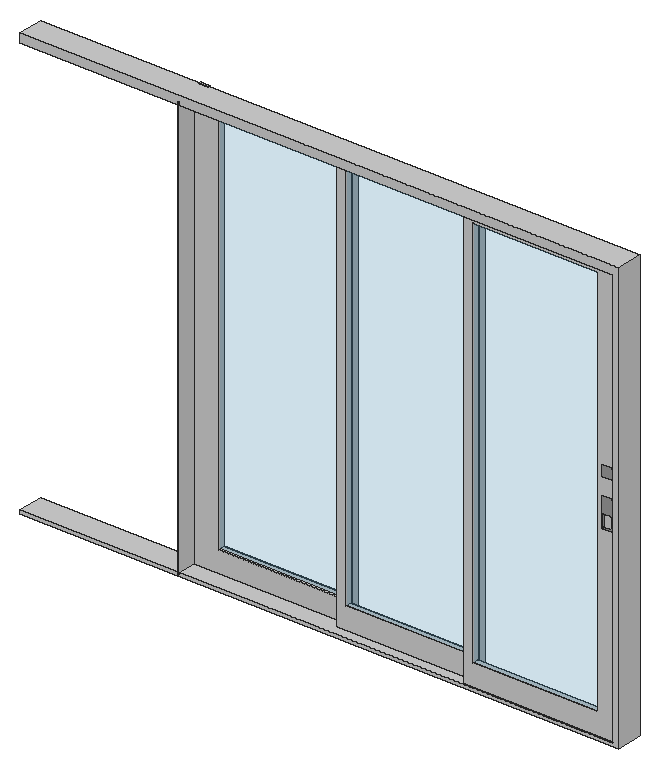
Revit family "Door-Slider-Pocket-Fleetwood-3070-PXXX", category Doors, host Wall, Revit 2013
Parameters (values of type "Archetype Hardware - 3.5" Sightline Extender")
  Wall_Thickness [instance] = 12"
  URL = "www.fleetwoodusa.com"
  Thickness = 5.724"  # constant formula
  Shim_Space = 0.25"
  Rough Width = Width + 0.25" + Shim_Space  # 134"
  Rough Height = Height + Shim_Space  # 96.25"
  Pocket_Width = (roundup(((if(and(Panel_Width_1 > Panel_Width_2, Panel_Width_1 > Panel_Width_3), Panel_Width_1, if(and(Panel_Width_2 > Panel_Width_1, Panel_Width_2 > Panel_Width_3), Panel_Width_2, Panel_Width_3)) + 2.25") * 4) / 1") * 1") / 4  # 37.75"
  Panel_Width_3 = if(Equal_Centerlines, ((Daylight_Opening / 3) + 3.111"), if(Equal Glass Sizes, (((Daylight_Opening - 8.4645") / 3) + 6.273"), Daylight_Opening - Custom_CL_1 - Custom_CL_2 + 3.111"))  # 35.4515"
  Panel_Width_2 = if(Equal_Centerlines, ((Daylight_Opening / 3) + 2.074"), if(Equal Glass Sizes, (((Daylight_Opening - 8.4645") / 3) + 2.773"), Custom_CL_2 + 2.074"))  # 31.9515"
  Panel_Width_1 = if(Equal_Centerlines, ((Daylight_Opening / 3) + 0.0645"), if(Equal Glass Sizes, (((Daylight_Opening - 8.4645") / 3) + 4.668"), Custom_CL_1 + 0.0645"))  # 33.8465"
  Model = "3070"
  Manufacturer = "Fleetwood Windows and Doors"
  Interior Wrap Overhang = 0.375"
  Hardware = Stainless Steel, Brushed
  Glazing = Glass
  Frame_&_Panel = Aluminum, Anodized Clear
  Equal_Centerlines = no
  Equal Glass Sizes = if(or(Equal_Centerlines, Custom_Centerlines), 1 > 2, 1 < 2)  # yes
  Daylight_Opening = 96"
  Exterior Wrap Overhang = 0.5"
  Frame_Set_Back [instance] = (Wall_Thickness - Thickness) / 2  # 3.138"
  Function = Exterior
  Height = 96"
  Wall Closure = By host
  Width = Daylight_Opening + Pocket_Width - 0.25"  # 133.5"
  Custom_Centerlines = if(and(Custom_CL_1 > 6", Custom_CL_2 > 6", not(Equal_Centerlines)), 1 < 2, 1 > 2)  # no
  Custom_CL_2 = 0"
  Custom_CL_1 = 0"
  Configuration = "PXXX"
  Analytic Construction = "<None>"
  Actuator_Height = 53.75"
Reference planes (in)
  plane 1 "Center (Front/Back)": y = 0
  plane 2 "Center (Left/Right)": x = -24
  plane 3 "Right": x = 24.25
  plane 4 "Top": z = 96.25
  plane 5 "Exterior": y = 6
  plane 6 "Interior": y = -6
  plane 7 "Exterior Wrap Depth": y = 2.862
  plane 8 "Interior Wrap Depth": y = -2.862
  plane 9 "Right Frame": x = 24
  plane 10 "Exerier Wrap Left": x = -72
  plane 11 "Exterior Wrap Right": x = 23.5
  plane 12 "Exterior Wrap Top": z = 95.75
  plane 13 "Interior Wrap Right": x = 23.875
  plane 14 "Interior Wrap Top": z = 95.875
  plane 15 "Frame Top": z = 96
  plane 16: z = 0.302
  plane 17: y = 10
  plane 18: x = -109.75
  plane 19: z = 94.074
  plane 20: x = 22.657
  plane 21: z = 0.71
  plane 22: x = -109.5
  plane 23: x = 23.02747
  plane 24: z = 94.7725
  plane 25 "pocket_closer": x = -74.074
  plane 26: y = 1.908
  plane 27: y = -1.908
  plane 28: y = 0
Forms (in)
  Extrusion 1, void
    sketch origin (0, 0, 0) x (1, 0, 0) y (0, 1, 0)
      loop
        line (-72, 6) -> (-72, 2.862) -> (23.5, 2.862) -> (23.5, 6) -> (-72, 6)
    from 0 to 95.75
  Extrusion 2, void
    sketch origin (0, 0, 0) x (1, 0, 0) y (0, 1, 0)
      loop
        line (-72, 2.862) -> (-72, -2.862) -> (24.25, -2.862) -> (24.25, 2.862) -> (-72, 2.862)
    from 0 to 96.25
  Extrusion 3, void
    sketch origin (0, 0, 0) x (1, 0, 0) y (0, 1, 0)
      loop
        line (-72, -2.862) -> (-72, -6) -> (23.875, -6) -> (23.875, -2.862) -> (-72, -2.862)
    from 0 to 95.875
  Extrusion 4, void
    sketch origin (0, 0, 0) x (1, 0, 0) y (0, 1, 0)
      loop
        line (-109.75, 3.237) -> (-109.75, -3.237) -> (-72, -3.237) -> (-72, 3.237) -> (-109.75, 3.237)
    from 0 to 96.25
  Extrusion 5, solid, material "Aluminum, Anodized Clear" <- "Frame_&_Panel"
    sketch origin (0, 2.862, 0) x (1, 0, 0) y (0, 0, 1)
      loop
        line (-109.5, 94.074) -> (22.657, 94.074) -> (22.657, 0.71) -> (-109.5, 0.71) -> (-109.5, 0) -> (24, 0) -> (24, 96) -> (-109.5, 96) -> (-109.5, 94.074)
    from 0 to 5.724
  Extrusion 6, solid, material "Aluminum, Anodized Clear" <- "Frame_&_Panel"
    sketch origin (0, 0, 0) x (1, 0, 0) y (0, 1, 0)
      loop
        line (-74.074, 3.25804) -> (-74.074, 2.62284) -> (-72, 2.62284) -> (-72, 3.25804) -> (-74.074, 3.25804)
    from 0 to 96
  Extrusion 7, solid, material "Aluminum, Anodized Clear" <- "Frame_&_Panel"
    sketch origin (-74.074, 14.0328, 48) x (0, 1, 0) y (0, 0, 1)
      loop
        line (-11.40995, 46.7725) -> (-17.0823, 46.7725) -> (-17.0823, -47.698) -> (-11.40995, -47.698) -> (-11.40995, 46.7725)
    from 0 to -0.0625
Lines and regions (in)
  symbolic lines, not visible
    curve 1: line (-41.80247, 12.37674, 0) -> (-29.80247, 12.37674, 0)
    curve 2: line (-33.80247, 10.37674, 0) -> (-29.80247, 12.37674, 0)
    curve 3: line (-33.80247, 14.37674, 0) -> (-29.80247, 12.37674, 0)
Text (in)
  text "Exterior" at (-132.91204, 28.8494, 0), in view "Ref. Level"
  text "Interior" at (-132.91204, -21.81055, 0), in view "Ref. Level"
  text "Exterior" at (0, 40.15149, 123.01588), in view "Right"
  text "Interior" at (0, -64.39139, 123.01588), in view "Right"
  text "Interior" at (0, -31.01599, 123.00693), in view "Left"
  text "Exterior" at (0, 54.57065, 123.00693), in view "Left"
Dimensions and locks (in)
  "Frame_Set_Back": plane 7 "Exterior Wrap Depth" to plane 5 "Exterior"
  "Exterior Wrap Overhang": plane 11 "Exterior Wrap Right" to plane 9 "Right Frame"
  "Thickness": plane 7 "Exterior Wrap Depth" to plane 8 "Interior Wrap Depth"
  "Exterior Wrap Overhang": plane 12 "Exterior Wrap Top" to plane 4 "Top"
  "Interior Wrap Overhang": plane 13 "Interior Wrap Right" to plane 3 "Right"
  "Interior Wrap Overhang": plane 14 "Interior Wrap Top" to plane 4 "Top"
  "Rough Height": level to plane 4 "Top"
  "Height": level to plane 15 "Frame Top"
  "Wall_Thickness": host wall to host wall
  locked: level to plane 16 at 0.302
  locked: plane 5 "Exterior" to plane 17 at 4
  "Daylight_Opening": plane 10 "Exerier Wrap Left" to plane 9 "Right Frame"
  "Shim_Space": plane 9 "Right Frame" to plane 3 "Right"
  locked: plane 7 "Exterior Wrap Depth" to Extrusion 4 sketch curve at 0.375
  locked: plane 8 "Interior Wrap Depth" to Extrusion 4 sketch curve at 0.375
  "Pocket_Width": plane 18 to plane 10 "Exerier Wrap Left"
  locked: plane 19 to plane 15 "Frame Top" at 1.926
  locked: plane 20 to plane 9 "Right Frame" at 1.343
  locked: level to plane 21 at 0.71
  locked: plane 18 to plane 22 at 0.25
  locked: plane 23 to plane 9 "Right Frame" at 0.97253
  locked: plane 24 to plane 15 "Frame Top" at 1.2275
  locked: plane 25 "pocket_closer" to plane 10 "Exerier Wrap Left" at 2.074
  locked: plane 27 to plane 8 "Interior Wrap Depth" at 0.954
  locked: plane 26 to plane 7 "Exterior Wrap Depth" at 0.954
  locked: plane 27 to plane 28 at 1.908
  equal spacing: plane 10 "Exerier Wrap Left", plane 2 "Center (Left/Right)", plane 9 "Right Frame"
  locked: Extrusion 6 sketch curve to Extrusion 6 sketch curve at 0.6352
  locked: plane 8 "Interior Wrap Depth" to Extrusion 7 sketch curve at 0.1875
  aligned and locked: plane 5 "Exterior" to host wall
  aligned and locked: host wall to plane 6 "Interior"
  aligned and locked: Extrusion 1 sketch curve to plane 7 "Exterior Wrap Depth"
  aligned and locked: plane 5 "Exterior" to Extrusion 1 sketch curve
  aligned and locked: plane 10 "Exerier Wrap Left" to Extrusion 1 sketch curve
  aligned and locked: plane 11 "Exterior Wrap Right" to Extrusion 1 sketch curve
  aligned and locked: Extrusion 1 to plane 12 "Exterior Wrap Top"
  aligned and locked: plane 3 "Right" to Extrusion 2 sketch curve
  aligned and locked: Extrusion 2 sketch curve to plane 7 "Exterior Wrap Depth"
  aligned and locked: plane 8 "Interior Wrap Depth" to Extrusion 2 sketch curve
  aligned and locked: Extrusion 2 to plane 4 "Top"
  aligned and locked: plane 13 "Interior Wrap Right" to Extrusion 3 sketch curve
  aligned and locked: Extrusion 3 sketch curve to plane 8 "Interior Wrap Depth"
  aligned and locked: Extrusion 3 sketch curve to plane 6 "Interior"
  aligned and locked: Extrusion 3 to plane 14 "Interior Wrap Top"
  aligned and locked: Extrusion 2 to plane 10 "Exerier Wrap Left"
  aligned and locked: Extrusion 4 sketch curve to plane 10 "Exerier Wrap Left"
  aligned and locked: Extrusion 4 to plane 4 "Top"
  aligned and locked: plane 18 to Extrusion 4
  aligned and locked: Extrusion 5 sketch curve to plane 22  (x2)
  aligned and locked: plane 9 "Right Frame" to Extrusion 5 sketch curve
  aligned and locked: level to Extrusion 5 sketch curve
  aligned and locked: Extrusion 5 sketch curve to plane 21
  aligned and locked: Extrusion 5 sketch curve to plane 20
  aligned and locked: plane 15 "Frame Top" to Extrusion 5 sketch curve
  aligned and locked: Extrusion 5 sketch curve to plane 19
  aligned and locked: Extrusion 5 to plane 8 "Interior Wrap Depth"
  aligned and locked: nested 1 to plane 17
  aligned and locked: nested 3 to plane 26
  aligned and locked: plane 25 "pocket_closer" to nested 3
  aligned and locked: nested 2 to nested 4
  aligned and locked: plane 28 to nested 4
  aligned and locked: nested 2 to plane 23
  aligned and locked: nested 4 to nested 1
  aligned and locked: nested 2 to nested 5
  aligned and locked: nested 3 to nested 6
  aligned and locked: plane 24 to nested 2
  aligned and locked: plane 24 to nested 4
  aligned and locked: plane 24 to nested 3
  aligned and locked: Extrusion 6 sketch curve to plane 10 "Exerier Wrap Left"
  aligned and locked: plane 25 "pocket_closer" to Extrusion 6 sketch curve
  aligned and locked: Extrusion 6 sketch curve to nested 3
  aligned and locked: Extrusion 6 to plane 15 "Frame Top"
  aligned and locked: Extrusion 7 sketch curve to plane 16
  aligned and locked: Extrusion 6 to Extrusion 7 sketch curve
  aligned and locked: Extrusion 7 sketch curve to plane 24
Automatic sketch dimensions
  Extrusion 2 sketch curve to plane 10 "Exerier Wrap Left" = 0"
  Extrusion 3 sketch curve to plane 10 "Exerier Wrap Left" = 0"
  Extrusion 4 sketch curve to plane 10 "Exerier Wrap Left" = 37.75"
Nested families (in)
  nested 1: "Arrow" at (-24.72078, 10, 0) x (-1, 0, 0) z (0, 0, 1), type "Arrow"
  nested 2: "3070_EX_Panel" at (-0.97253, -1.908, 0.302), Panel_Finish <- "Frame_&_Panel", Hardware_Finish <- "Hardware", Glazing_Material <- "Glazing", Actuator_Height <- "Actuator_Height", Panel_Width <- "Panel_Width_1", type "Active Lead Panel Left Archetype"
    with Panel_Width 33.8465", Panel_Height 94.4705", Panel_Finish Aluminum, Anodized Clear, Hardware_Finish Stainless Steel, Brushed, Glazing_Material Glass, Glass_Width 27.8037", Actuator_Height 53.75"
  nested 3: "3070_EX_Panel" at (-62.6225, 1.908, 0.302), Panel_Finish <- "Frame_&_Panel", Hardware_Finish <- "Hardware", Glazing_Material <- "Glazing", Actuator_Height <- "Actuator_Height", Panel_Width <- "Panel_Width_3", type "Pocket Panel 3.5" Sightline Extender"
    with Panel_Width 35.4515", Panel_Height 94.4705", Panel_Finish Aluminum, Anodized Clear, Hardware_Finish Stainless Steel, Brushed, Glazing_Material Glass, Glass_Width 27.8033", Actuator_Height 53.75"
  nested 4: "3070_EX_Panel" at (-32.74503, 0, 0.302), Panel_Finish <- "Frame_&_Panel", Hardware_Finish <- "Hardware", Glazing_Material <- "Glazing", Actuator_Height <- "Actuator_Height", Panel_Width <- "Panel_Width_2", type "Sliding Panel  Interlock and Interlock"
    with Panel_Width 31.9515", Panel_Height 94.4705", Panel_Finish Aluminum, Anodized Clear, Hardware_Finish Stainless Steel, Brushed, Glazing_Material Glass, Glass_Width 27.8035", Actuator_Height 53.75"
  nested 5: "Arrow" at (6.10422, 10, 0) x (-1, 0, 0) z (0, 0, 1), type "Arrow"
  nested 6: "Arrow" at (-56.34825, 10, 0) x (-1, 0, 0) z (0, 0, 1), type "Arrow"
Definition of nested family "3070_EX_Panel"
  Parameters (values of type "Pocket Panel 3.5"SL Right Archetype Narrow")
    Top_Rail = if(Bottom_Rail_As_Top, 5.14844", 1.46094")  # 1.46094"
    Stile_Condition = 6
    Sightline_Extender_Condition = 0
    Right_Stile = if(or(Archetype_Stile, Archetype_Inactive_Panel), 3.9688", if(or(Archetype_Narrow_Inactive_Panel, Archetype_Narrow_Stile), 2.9102", if(Narrow_Fixed_Stile, 1.0195", if(Stile_Condition = 10, 5.464", 2.074"))))  # 2.9102"
    Panel_Width [instance] = 48"
    Panel_Height [instance] = 84"
    Panel_Finish [instance] = none
    Narrow_Fixed_Stile = Stile_Condition = 3  # no
    Model = ""
    Manufacturer = "Fleetwood Windows And Doors"
    Left_Stile = if([1_Sightline_Extender], 3.0742", if([2.5_Sightline_Extender], 4.5742", if([3.5_Sightline_Extender], 5.5742", 2.074")))  # 5.5742"
    Hardware_Finish [instance] = none
    Glass_Width [instance] = Panel_Width - (Right_Stile + Left_Stile)  # 39.5156"
    Double_Arrow = no
    Arrow = yes
    Archetype_Narrow_Inactive_Panel = Stile_Condition = 9  # no
    Archetype_Narrow_Hardware_L = Stile_Condition = 7  # no
    Archetype_Narrow_Hardware = yes
    Archetype_Inactive_Panel = Stile_Condition = 8  # no
    Archetype_Flush_Pulls = no
    Glazing_Material [instance] = none
    Glass_Thickness = 1"
    Description = ""
    Bottom_Rail_As_Top = no
    Bottom_Rail = 5.14844"  # constant formula
    Archetype_Narrow_Stile = or(Stile_Condition = 2, Stile_Condition = 6, Stile_Condition = 7, Stile_Condition = 9)  # yes
    Archetype_Stile = or(Stile_Condition = 1, Stile_Condition = 4, Stile_Condition = 5, Stile_Condition = 8)  # no
    Archetype_Narrow_Hardware_R = Stile_Condition = 6  # yes
    Archetype_Hardware_Right = Stile_Condition = 5  # no
    Archetype_Hardware_Left = Stile_Condition = 4  # no
    Archetype_Actuator = or(Archetype_Hardware_Right, Archetype_Hardware_Left)  # no
    Actuator_Height [instance] = 53.75"
    3.5_Sightline_Extender = yes
    2.5_Sightline_Extender = no
    1_Sightline_Extender = no
  Types (26): name | Stile_Condition | Sightline_Extender_Condition | Right_Stile | Narrow_Fixed_Stile | Left_Stile | Glass_Width | Double_Arrow | Arrow | Archetype_Narrow_Inactive_Panel | Archetype_Narrow_Hardware_L | Archetype_Narrow_Hardware | Archetype_Inactive_Panel | Archetype_Flush_Pulls | Description | Archetype_Narrow_Stile | Archetype_Stile | Archetype_Narrow_Hardware_R | Archetype_Hardware_Right | Archetype_Hardware_Left | Archetype_Actuator | Actuator_Height | 3.5_Sightline_Extender | 2.5_Sightline_Extender | 1_Sightline_Extender
    Sliding Panel  Interlock and Interlock | 0 | 0 | 2.074" | no | 2.074" | 43.852" | yes | yes | no | no | no | no | no | "" | no | no | no | no | no | no | 53.75" | no | no | no
    Pocket Panel 1" Sightline Extender | 0 | 1 | 2.074" | no | 3.0742" | 42.8518" | no | yes | no | no | no | no | no | "" | no | no | no | no | no | no | 53.75" | no | no | yes
    Pocket Panel 2.5" Sightline Extender | 0 | 2 | 2.074" | no | 4.5742" | 41.3518" | no | yes | no | no | no | no | no | "" | no | no | no | no | no | no | 53.75" | no | yes | no
    Pocket Panel 3.5" Sightline Extender | 0 | 3 | 2.074" | no | 5.5742" | 40.3518" | no | yes | no | no | no | no | no | "" | no | no | no | no | no | no | 53.75" | yes | no | no
    Active Lead Panel Right Archetype | 5 | 0 | 3.9688" | no | 2.074" | 41.9572" | no | yes | no | no | no | no | yes | "Fleetwood Sliding Door Panel" | no | yes | no | yes | no | yes | 53.9375" | no | no | no
    Active Lead Panel Right Archetype Narrow | 6 | 0 | 2.9102" | no | 2.074" | 43.0158" | no | yes | no | no | yes | no | no | "" | yes | no | yes | no | no | no | 53.75" | no | no | no
    Fixed Panel Narrow Fixed Stile | 3 | 0 | 1.0195" | yes | 2.074" | 44.9065" | no | no | no | no | no | no | no | "" | no | no | no | no | no | no | 53.75" | no | no | no
    Fixed Panel Archetype Narrow Stile | 2 | 0 | 2.9102" | no | 2.074" | 43.0158" | no | no | no | no | no | no | no | "" | yes | no | no | no | no | no | 53.75" | no | no | no
    Fixed Panel Archetype Stile | 1 | 0 | 3.9688" | no | 2.074" | 41.9572" | no | no | no | no | no | no | no | "" | no | yes | no | no | no | no | 53.75" | no | no | no
    Active Lead Panel Left Archetype | 4 | 0 | 3.9688" | no | 2.074" | 41.9572" | no | yes | no | no | no | no | yes | "" | no | yes | no | no | yes | yes | 53.9375" | no | no | no
    Active Lead Panel Left Archetype Narrow | 7 | 0 | 2.9102" | no | 2.074" | 43.0158" | no | yes | no | yes | yes | no | no | "" | yes | no | no | no | no | no | 53.75" | no | no | no
    Archetype_Inactive_Panel | 8 | 0 | 3.9688" | no | 2.074" | 41.9572" | no | yes | no | no | no | yes | yes | "" | no | yes | no | no | no | no | 53.75" | no | no | no
    Archetype_Narrow_Inactive_Panel | 9 | 0 | 2.9102" | no | 2.074" | 43.0158" | no | yes | yes | no | yes | no | no | "" | yes | no | no | no | no | no | 53.75" | no | no | no
    Archetype_90_Degree_Stile | 10 | 0 | 5.464" | no | 2.074" | 40.462" | no | yes | no | no | no | no | yes | "" | no | no | no | no | no | no | 53.75" | no | no | no
    Pocket_Panel_1"SL_Left_Archetype | 4 | 0 | 3.9688" | no | 3.0742" | 40.957" | no | yes | no | no | no | no | yes | "" | no | yes | no | no | yes | yes | 53.9375" | no | no | yes
    Pocket_Panel_2.5"SL_Left Archetype | 4 | 0 | 3.9688" | no | 4.5742" | 39.457" | no | yes | no | no | no | no | yes | "" | no | yes | no | no | yes | yes | 53.9375" | no | yes | no
    Pocket_Panel_3.5"SL_Left_Archetype | 4 | 0 | 3.9688" | no | 5.5742" | 38.457" | no | yes | no | no | no | no | yes | "" | no | yes | no | no | yes | yes | 53.9375" | yes | no | no
    Pocket_Panel 1"SL Left Archetype Narrow | 7 | 0 | 2.9102" | no | 3.0742" | 42.0156" | no | yes | no | yes | yes | no | no | "" | yes | no | no | no | no | no | 53.75" | no | no | yes
    Pocket_Panel_2.5"SL Left Archetype Narrow | 7 | 0 | 2.9102" | no | 4.5742" | 40.5156" | no | yes | no | yes | yes | no | no | "" | yes | no | no | no | no | no | 53.75" | no | yes | no
    Pocket_Panel_3.5"SL Left Archetype Narrow | 7 | 0 | 2.9102" | no | 5.5742" | 39.5156" | no | yes | no | yes | yes | no | no | "" | yes | no | no | no | no | no | 53.75" | yes | no | no
    Pocket Panel 1"SL Right Archetype | 5 | 0 | 3.9688" | no | 3.0742" | 40.957" | no | yes | no | no | no | no | yes | "Fleetwood Sliding Door Panel" | no | yes | no | yes | no | yes | 53.9375" | no | no | yes
    Pocket Panel 2.5"SL Right Archetype | 5 | 0 | 3.9688" | no | 4.5742" | 39.457" | no | yes | no | no | no | no | yes | "Fleetwood Sliding Door Panel" | no | yes | no | yes | no | yes | 53.9375" | no | yes | no
    Pocket Panel 3.5 SL Right Archetype | 5 | 0 | 3.9688" | no | 5.5742" | 38.457" | no | yes | no | no | no | no | yes | "Fleetwood Sliding Door Panel" | no | yes | no | yes | no | yes | 53.9375" | yes | no | no
    Pocket Panel 1"SL Right Archetype Narrow | 6 | 0 | 2.9102" | no | 3.0742" | 42.0156" | no | yes | no | no | yes | no | no | "" | yes | no | yes | no | no | no | 53.75" | no | no | yes
    Pocket Panel 2.5" SL Right Archetype Narrow | 6 | 0 | 2.9102" | no | 4.5742" | 40.5156" | no | yes | no | no | yes | no | no | "" | yes | no | yes | no | no | no | 53.75" | no | yes | no
    Pocket Panel 3.5"SL Right Archetype Narrow | 6 | 0 | 2.9102" | no | 5.5742" | 39.5156" | no | yes | no | no | yes | no | no | "" | yes | no | yes | no | no | no | 53.75" | yes | no | no
  Reference planes (in)
    plane 1 "Center (Front/Back)": y = 0
    plane 2: z = 0
    plane 3 "Center (Left/Right)": x = 0
    plane 4: y = -0.71484
    plane 5: y = 0.71484
    plane 6: x = -24
    plane 7: x = 24
    plane 8: z = 84
    plane 9: z = 5.14844
    plane 10: z = 82.53906
    plane 11: x = 21.0898
    plane 12: x = -18.4258
    plane 13: y = 0.5
    plane 14: y = -0.5
    plane 15: z = 53.75
    plane 16: x = 23.3198
    plane 17: y = 0
    plane 18: x = 22.74609
    plane 19: x = -22.96289
    plane 20: z = 42
    plane 21: x = -6
    plane 22: x = 6
    plane 23: x = -2
    plane 24: x = 2
  Forms (in)
    Extrusion 1, solid, material <- "Panel_Finish"
      sketch origin (0, 0, 0) x (1, 0, 0) y (0, 0, 1)
        loop
          line (24, 84) -> (-24, 84) -> (-24, 0) -> (24, 0) -> (24, 84)
        loop
          line (-18.4258, 5.14844) -> (21.0898, 5.14844) -> (21.0898, 82.53906) -> (-18.4258, 82.53906) -> (-18.4258, 5.14844)
      from -0.71484 to 0.71484
    Extrusion 2, solid, material <- "Glazing_Material"
      sketch origin (0, 0, 0) x (1, 0, 0) y (0, 0, 1)
        loop
          line (-18.4258, 82.53906) -> (-18.4258, 5.14844) -> (21.0898, 5.14844) -> (21.0898, 82.53906) -> (-18.4258, 82.53906)
      from -0.5 to 0.5
  Lines and regions (in)
    Masking region 1
      outline origin (0, 0, 0) x (1, 0, 0) y (0, 1, 0)
        loop
          line (-24, 0.71484) -> (-24, -0.71484) -> (24, -0.71484) -> (24, 0.71484) -> (-24, 0.71484)
    symbolic lines, visible <- "Arrow"
      curve 1: line (6, -0.71484, 42) -> (-6, -0.71484, 42)
      curve 2: line (-2, -0.71484, 40) -> (-6, -0.71484, 42)
      curve 3: line (-2, -0.71484, 44) -> (-6, -0.71484, 42)
    symbolic lines, visible <- "Double_Arrow"
      curve 4: line (2, -0.71484, 40) -> (6, -0.71484, 42)
      curve 5: line (2, -0.71484, 44) -> (6, -0.71484, 42)
  Dimensions and locks (in)
    equal spacing: plane 4, plane 1 "Center (Front/Back)", plane 5
    locked: plane 4 to plane 5 at 1.42969
    equal spacing: plane 6, plane 3 "Center (Left/Right)", plane 7
    "Panel_Width": plane 6 to plane 7
    "Panel_Height": plane 8 to plane 2
    "Bottom_Rail": plane 9 to level
    "Right_Stile": plane 7 to plane 11
    "Left_Stile": plane 12 to plane 6
    "Top_Rail": plane 8 to plane 10
    equal spacing: plane 14, plane 1 "Center (Front/Back)", plane 13
    "Glass_Thickness": plane 14 to plane 13
    "Actuator_Height": plane 15 to level
    locked: plane 18 to plane 7 at 1.25391
    locked: plane 6 to plane 19 at 1.03711
    equal spacing: plane 8, plane 20, level
    plane 22 to plane 3 "Center (Left/Right)" to plane 21 = 6" locked, 6" locked
    locked: plane 23 to plane 21 at 4
    locked: plane 22 to plane 24 at 4
    curve 3 to plane 20 to curve 2 = 2" locked, 2" locked
    locked: plane 15 to nested 1 at 5
    locked: plane 16 to plane 11 at 2.23
    aligned and locked: plane 2 to level
    aligned and locked: plane 8 to Extrusion 1 sketch curve
    aligned and locked: plane 7 to Extrusion 1 sketch curve
    aligned and locked: Extrusion 1 sketch curve to plane 2
    aligned and locked: Extrusion 1 sketch curve to plane 6
    aligned and locked: Extrusion 1 sketch curve to plane 12
    aligned and locked: plane 10 to Extrusion 1 sketch curve
    aligned and locked: plane 11 to Extrusion 1 sketch curve
    aligned and locked: Extrusion 1 sketch curve to plane 9
    aligned and locked: Extrusion 1 to plane 5
    aligned and locked: plane 4 to Extrusion 1
    aligned and locked: Extrusion 2 sketch curve to plane 10
    aligned and locked: plane 12 to Extrusion 2 sketch curve
    aligned and locked: plane 9 to Extrusion 2 sketch curve
    aligned and locked: Extrusion 2 sketch curve to plane 11
    aligned and locked: Extrusion 2 to plane 13
    aligned and locked: plane 14 to Extrusion 2
    aligned and locked: plane 1 "Center (Front/Back)" to nested 1
    aligned and locked: plane 16 to nested 1
    aligned and locked: plane 15 to nested 2
    aligned and locked: plane 18 to nested 2
    aligned and locked: plane 1 "Center (Front/Back)" to nested 2
    aligned and locked: plane 5 to Masking region 1 sketch curve
    aligned and locked: plane 6 to Masking region 1 sketch curve
    aligned and locked: Masking region 1 sketch curve to plane 4
    aligned and locked: Masking region 1 sketch curve to plane 7
    aligned and locked: plane 21 to curve 2
    aligned and locked: curve 1 to curve 2
    aligned and locked: plane 20 to curve 1
    aligned and locked: plane 24 to curve 5
    aligned and locked: plane 24 to curve 4
    aligned and locked: plane 22 to curve 5
    aligned and locked: nested 3 to plane 15
    aligned and locked: plane 16 to nested 3
    aligned and locked: nested 3 to plane 1 "Center (Front/Back)"
    aligned and locked: nested 4 to plane 1 "Center (Front/Back)"
    aligned and locked: nested 4 to plane 16
    aligned and locked: plane 15 to nested 4
  Automatic sketch dimensions
    curve 2 to plane 23 = 0"
    curve 3 to plane 23 = 0"
    curve 4 to plane 20 = 2"
    plane 20 to curve 5 = 2"
  Nested families (in)
    nested 1: "Archetype_Flush_Pulls" at (23.3198, 0, 42.25), Finish <- "Hardware_Finish", visible <- "Archetype_Flush_Pulls", type "Archetype_Flush_Pulls"
      with Finish none
    nested 2: "Archetype_Narrow_Hardware" at (22.74609, 0, 53.75), Finish <- "Hardware_Finish", Left <- "Archetype_Narrow_Hardware_L", visible <- "Archetype_Narrow_Hardware", Right <- "Archetype_Narrow_Hardware_R", type "Archetype_Narrow_Hardware", detail levels fine
      with Right yes, Pulls_Only no, Left no, Finish none
    nested 3: "Archetype_Actuator" at (23.3198, 0, 53.75) x (1, 0, 0) z (0, -1, 0), Finish <- "Hardware_Finish", visible <- "Archetype_Hardware_Left", type "Archetype_Actuator", detail levels fine
      with Finish none
    nested 4: "Archetype_Actuator" at (23.3198, 0, 53.75) x (1, 0, 0) z (0, 1, 0), Finish <- "Hardware_Finish", visible <- "Archetype_Hardware_Right", type "Archetype_Actuator", detail levels fine
      with Finish none
  Definition of nested family "Archetype_Flush_Pulls"
    Parameters (values of type "Archetype_Flush_Pulls")
      Finish [instance] = none
    Reference planes (in)
      plane 1 "Center (Front/Back)": y = 0
      plane 2: z = 0
      plane 3 "Center (Left/Right)": x = 0
      plane 4: z = 6.5
      plane 5: z = 0.27344
      plane 6: z = 3.07422
      plane 7: y = -0.80469
      plane 8: y = 0.80469
      plane 9: y = -0.80469
      plane 10: x = 1.1875
      plane 11: x = -1.1875
      plane 12: x = 0.91406
      plane 13: x = -0.91406
      plane 14 "ext": y = -0.80469
      plane 15 "int": y = 0.80469
      plane 16: z = 6.21875
      plane 17: z = 3.35547
    Forms (in)
      Extrusion 1, solid, material <- "Finish", detail levels fine
        sketch origin (0, 0, 0) x (1, 0, 0) y (0, 0, 1)
          loop
            arc (-0.9375, 6.5) -> (-1.11428, 6.42678) -> (-1.1875, 6.25) r 0.25
            line (-1.1875, 6.25) -> (-1.1875, 0.25)
            arc (-1.1875, 0.25) -> (-1.11428, 0.07322) -> (-0.9375, 0) r 0.25
            line (-0.9375, 0) -> (0.9375, 0)
            arc (0.9375, 0) -> (1.11428, 0.07322) -> (1.1875, 0.25) r 0.25
            line (1.1875, 0.25) -> (1.1875, 6.25)
            arc (1.1875, 6.25) -> (1.11428, 6.42678) -> (0.9375, 6.5) r 0.25
            line (0.9375, 6.5) -> (-0.9375, 6.5)
        from -0.80469 to 0.80469
      Extrusion 2, void
        sketch origin (0, -0.80469, 0) x (-1, 0, 0) y (0, 0, 1)
          loop
            line (0.78906, 3.07422) -> (-0.78906, 3.07422)
            arc (-0.78906, 3.07422) -> (-0.87745, 3.03761) -> (-0.91406, 2.94922) r 0.125
            line (-0.91406, 2.94922) -> (-0.91406, 0.39844)
            arc (-0.91406, 0.39844) -> (-0.87745, 0.31005) -> (-0.78906, 0.27344) r 0.125
            line (-0.78906, 0.27344) -> (0.78906, 0.27344)
            arc (0.78906, 0.27344) -> (0.87745, 0.31005) -> (0.91406, 0.39844) r 0.125
            line (0.91406, 0.39844) -> (0.91406, 2.94922)
            arc (0.91406, 2.94922) -> (0.87745, 3.03761) -> (0.78906, 3.07422) r 0.125
        from 0 to 1
      Extrusion 3, void
        sketch origin (0, 0.80469, 0) x (-1, 0, 0) y (0, 0, 1)
          loop
            arc (-0.78906, 6.21875) -> (-0.87745, 6.18214) -> (-0.91406, 6.09375) r 0.125
            line (-0.91406, 6.09375) -> (-0.91406, 3.48047)
            arc (-0.91406, 3.48047) -> (-0.87745, 3.39208) -> (-0.78906, 3.35547) r 0.125
            line (-0.78906, 3.35547) -> (0.78906, 3.35547)
            arc (0.78906, 3.35547) -> (0.87745, 3.39208) -> (0.91406, 3.48047) r 0.125
            line (0.91406, 3.48047) -> (0.91406, 6.09375)
            arc (0.91406, 6.09375) -> (0.87745, 6.18214) -> (0.78906, 6.21875) r 0.125
            line (0.78906, 6.21875) -> (-0.78906, 6.21875)
        from 0 to -1
    Cuts and joins
      Extrusion 2, Extrusion 3 cuts Extrusion 1
    Dimensions and locks (in)
      locked: plane 4 to level at 6.5
      locked: plane 11 to plane 10 at 2.375
      locked: plane 12 to plane 10 at 0.27344
      locked: plane 11 to plane 13 at 0.27344
      locked: plane 6 to plane 5 at 2.80078
      equal spacing: plane 15 "int", plane 1 "Center (Front/Back)", plane 14 "ext"
      locked: plane 15 "int" to plane 14 "ext" at 1.60938
      locked: plane 5 to level at 0.27344
      locked: plane 4 to plane 16 at 0.28125
      locked: plane 17 to plane 6 at 0.28125
      aligned and locked: plane 2 to level
      aligned and locked: Extrusion 2 sketch curve to plane 6
      aligned and locked: plane 12 to Extrusion 2 sketch curve
      aligned and locked: plane 5 to Extrusion 2 sketch curve
      aligned and locked: Extrusion 2 sketch curve to plane 13
      aligned and locked: plane 12 to Extrusion 3 sketch curve
      aligned and locked: Extrusion 3 sketch curve to plane 16
      aligned and locked: Extrusion 3 sketch curve to plane 13
      aligned and locked: plane 17 to Extrusion 3 sketch curve
    Automatic sketch dimensions
      plane 11 to Extrusion 1 sketch curve = 0"
      Extrusion 1 sketch curve to level = 0"
      Extrusion 1 sketch curve to plane 4 = 0"
      plane 10 to Extrusion 1 sketch curve = 0"
      Extrusion 1 sketch curve to plane 5 = 0.02344"
      plane 13 to Extrusion 1 sketch curve = 0.02344"
      Extrusion 1 sketch curve to plane 12 = 0.02344"  (x2)
      plane 12 to Extrusion 2 sketch curve = 0.125"  (x2)
      Extrusion 2 sketch curve to plane 13 = 0.125"  (x2)
      plane 12 to Extrusion 3 sketch curve = 0.125"  (x2)
      Extrusion 3 sketch curve to plane 13 = 0.125"  (x2)
  Definition of nested family "Archetype_Narrow_Hardware"
    Parameters (values of type "Archetype_Narrow_Hardware")
      Right [instance] = no
      Pulls_Only [instance] = if(or(Right, Left), 1 > 2, 1 < 2)  # yes
      Left [instance] = no
      Finish [instance] = none
    Reference planes (in)
      plane 1 "Center (Front/Back)": y = 0
      plane 2 "Actuator_Height": z = 0
      plane 3 "Center (Left/Right)": x = 0
      plane 4 "ext": y = 0.78906
      plane 5 "int": y = -0.78906
      plane 6: x = -0.6875
      plane 7: x = 0.6875
      plane 8: z = -1.75
      plane 9: z = 2.8125
      plane 10: z = 2.60547
      plane 11: x = 0.48047
      plane 12: x = -0.48047
      plane 13: z = -1.54297
      plane 14: z = 0.1875
      plane 15: z = -0.1875
      plane 16: z = 1.32031
      plane 17: z = 0
    Forms (in)
      Extrusion 1, solid, material <- "Finish", detail levels fine
        sketch origin (0, 0, 0) x (1, 0, 0) y (0, 0, 1)
          loop
            arc (-0.5625, 2.8125) -> (-0.65089, 2.77589) -> (-0.6875, 2.6875) r 0.125
            line (-0.6875, 2.6875) -> (-0.6875, -1.625)
            arc (-0.6875, -1.625) -> (-0.65089, -1.71339) -> (-0.5625, -1.75) r 0.125
            line (-0.5625, -1.75) -> (0.5625, -1.75)
            arc (0.5625, -1.75) -> (0.65089, -1.71339) -> (0.6875, -1.625) r 0.125
            line (0.6875, -1.625) -> (0.6875, 2.6875)
            arc (0.6875, 2.6875) -> (0.65089, 2.77589) -> (0.5625, 2.8125) r 0.125
            line (0.5625, 2.8125) -> (-0.5625, 2.8125)
        from -0.78906 to 0.78906
    Lines and regions (in)
      model lines, detail levels fine
        curve 1: line (0.5625, -0.78906, 2.8125) -> (-0.5625, -0.78906, 2.8125)
        curve 2: arc (0.6875, -0.78906, 2.6875) -> (0.65089, -0.78906, 2.77589) -> (0.5625, -0.78906, 2.8125) r 0.125
        curve 3: line (0.6875, -0.78906, -1.625) -> (0.6875, -0.78906, 2.6875)
        curve 4: arc (0.5625, -0.78906, -1.75) -> (0.65089, -0.78906, -1.71339) -> (0.6875, -0.78906, -1.625) r 0.125
        curve 5: line (-0.5625, -0.78906, -1.75) -> (0.5625, -0.78906, -1.75)
        curve 6: arc (-0.6875, -0.78906, -1.625) -> (-0.65089, -0.78906, -1.71339) -> (-0.5625, -0.78906, -1.75) r 0.125
        curve 7: line (-0.6875, -0.78906, 2.6875) -> (-0.6875, -0.78906, -1.625)
        curve 8: arc (-0.5625, -0.78906, 2.8125) -> (-0.65089, -0.78906, 2.77589) -> (-0.6875, -0.78906, 2.6875) r 0.125
        curve 9: line (-0.38672, -0.78906, 2.60547) -> (0.38672, -0.78906, 2.60547)
        curve 10: line (-0.48047, -0.78906, -1.44922) -> (-0.48047, -0.78906, 2.51172)
        curve 11: line (0.38672, -0.78906, -1.54297) -> (-0.38672, -0.78906, -1.54297)
        curve 12: line (0.48047, -0.78906, 2.51172) -> (0.48047, -0.78906, -1.44922)
        curve 13: arc (-0.48047, -0.78906, 2.51172) -> (-0.45301, -0.78906, 2.57801) -> (-0.38672, -0.78906, 2.60547) r 0.09375
        curve 14: arc (0.38672, -0.78906, 2.60547) -> (0.45301, -0.78906, 2.57801) -> (0.48047, -0.78906, 2.51172) r 0.09375
        curve 15: arc (0.48047, -0.78906, -1.44922) -> (0.45301, -0.78906, -1.51551) -> (0.38672, -0.78906, -1.54297) r 0.09375
        curve 16: arc (-0.38672, -0.78906, -1.54297) -> (-0.45301, -0.78906, -1.51551) -> (-0.48047, -0.78906, -1.44922) r 0.09375
        curve 17: line (0.5625, 0.78906, 2.8125) -> (-0.5625, 0.78906, 2.8125)
        curve 18: arc (0.6875, 0.78906, 2.6875) -> (0.65089, 0.78906, 2.77589) -> (0.5625, 0.78906, 2.8125) r 0.125
        curve 19: line (0.6875, 0.78906, -1.625) -> (0.6875, 0.78906, 2.6875)
        curve 20: arc (0.5625, 0.78906, -1.75) -> (0.65089, 0.78906, -1.71339) -> (0.6875, 0.78906, -1.625) r 0.125
        curve 21: line (-0.5625, 0.78906, -1.75) -> (0.5625, 0.78906, -1.75)
        curve 22: arc (-0.6875, 0.78906, -1.625) -> (-0.65089, 0.78906, -1.71339) -> (-0.5625, 0.78906, -1.75) r 0.125
        curve 23: line (-0.6875, 0.78906, 2.6875) -> (-0.6875, 0.78906, -1.625)
        curve 24: arc (-0.5625, 0.78906, 2.8125) -> (-0.65089, 0.78906, 2.77589) -> (-0.6875, 0.78906, 2.6875) r 0.125
        curve 25: line (-0.38672, 0.78906, 2.60547) -> (0.38672, 0.78906, 2.60547)
        curve 26: line (-0.48047, 0.78906, -1.44922) -> (-0.48047, 0.78906, 2.51172)
        curve 27: line (0.38672, 0.78906, -1.54297) -> (-0.38672, 0.78906, -1.54297)
        curve 28: line (0.48047, 0.78906, 2.51172) -> (0.48047, 0.78906, -1.44922)
        curve 29: arc (-0.48047, 0.78906, 2.51172) -> (-0.45301, 0.78906, 2.57801) -> (-0.38672, 0.78906, 2.60547) r 0.09375
        curve 30: arc (0.38672, 0.78906, 2.60547) -> (0.45301, 0.78906, 2.57801) -> (0.48047, 0.78906, 2.51172) r 0.09375
        curve 31: arc (0.48047, 0.78906, -1.44922) -> (0.45301, 0.78906, -1.51551) -> (0.38672, 0.78906, -1.54297) r 0.09375
        curve 32: arc (-0.38672, 0.78906, -1.54297) -> (-0.45301, 0.78906, -1.51551) -> (-0.48047, 0.78906, -1.44922) r 0.09375
      model lines, visible <- "Left", detail levels fine
        curve 33: line (0.48047, 0.78906, 1.32031) -> (-0.48047, 0.78906, 1.32031)
        curve 34: line (-0.48047, 0.78906, 0.1875) -> (0.48047, 0.78906, 0.1875)
        curve 35: line (0.48047, 0.78906, -0.1875) -> (-0.48047, 0.78906, -0.1875)
      model lines, visible <- "Right", detail levels fine
        curve 36: line (0.48047, -0.78906, 1.32031) -> (-0.48047, -0.78906, 1.32031)
        curve 37: line (-0.48047, -0.78906, 0.1875) -> (0.48047, -0.78906, 0.1875)
        curve 38: line (0.48047, -0.78906, -0.1875) -> (-0.48047, -0.78906, -0.1875)
    Dimensions and locks (in)
      equal spacing: plane 5 "int", plane 1 "Center (Front/Back)", plane 4 "ext"
      plane 5 "int" to plane 4 "ext" = 1.57812"
      equal spacing: plane 6, plane 3 "Center (Left/Right)", plane 7
      locked: plane 6 to plane 7 at 1.375
      locked: level to plane 8 at 1.75
      locked: plane 9 to level at 2.8125
      locked: plane 9 to plane 10 at 0.20703
      locked: plane 13 to plane 8 at 0.20703
      locked: plane 7 to plane 11 at 0.20703
      locked: plane 12 to plane 6 at 0.20703
      plane 15 to level to plane 14 to plane 16 = 0.1875" locked, 0.1875" locked, 1.13281" locked
      aligned and locked: plane 2 "Actuator_Height" to level
      aligned and locked: Extrusion 1 sketch curve to plane 9
      aligned and locked: Extrusion 1 sketch curve to plane 7
      aligned and locked: plane 6 to Extrusion 1 sketch curve
      aligned and locked: plane 8 to Extrusion 1 sketch curve
      aligned and locked: plane 5 "int" to Extrusion 1
      aligned and locked: Extrusion 1 to plane 4 "ext"
      aligned and locked: curve 2 to Extrusion 1
      aligned and locked: curve 4 to Extrusion 1
      aligned and locked: curve 6 to Extrusion 1
      aligned and locked: curve 8 to Extrusion 1
      aligned and locked: curve 9 to plane 10
      aligned and locked: curve 12 to plane 11
      aligned and locked: plane 13 to curve 11
      aligned and locked: plane 12 to curve 10
      aligned and locked: plane 10 to curve 25
      aligned and locked: curve 17 to plane 9
      aligned and locked: plane 8 to curve 21
      aligned and locked: curve 27 to plane 13
      aligned and locked: plane 6 to curve 23
      aligned and locked: curve 19 to plane 7
      aligned and locked: plane 11 to curve 33
      aligned and locked: plane 12 to curve 34
      aligned and locked: plane 11 to curve 35
      aligned and locked: plane 12 to curve 35
      aligned and locked: curve 33 to plane 16
      aligned and locked: plane 14 to curve 34
      aligned and locked: curve 35 to plane 15
      aligned and locked: plane 11 to curve 36
      aligned and locked: plane 12 to curve 36
      aligned and locked: plane 15 to curve 38
      aligned and locked: curve 37 to plane 14
      aligned and locked: plane 16 to curve 36
      aligned and locked: plane 2 "Actuator_Height" to plane 17
    Automatic sketch dimensions
      plane 8 to Extrusion 1 sketch curve = 0.125"
      plane 6 to Extrusion 1 sketch curve = 0.125"
      Extrusion 1 sketch curve to plane 7 = 0.125"  (x2)
      curve 21 to plane 12 = 0.08203"
      curve 19 to plane 13 = 0.08203"
      curve 17 to plane 12 = 0.08203"
      plane 12 to curve 25 = 0.09375"
      plane 12 to curve 27 = 0.09375"
      curve 27 to plane 11 = 0.09375"
      curve 25 to plane 11 = 0.09375"
      plane 11 to curve 17 = 0.08203"
      plane 12 to curve 9 = 0.09375"
      plane 13 to curve 12 = 0.09375"
      plane 12 to curve 11 = 0.09375"
      curve 9 to plane 11 = 0.09375"
  Definition of nested family "Archetype_Actuator"
    Parameters (values of type "Archetype_Actuator")
      Finish [instance] = none
    Reference planes (in)
      plane 1 "Center (Front/Back)": y = 0
      plane 2: z = 0
      plane 3 "Center (Left/Right)": x = 0
      plane 4: y = 1.1875
      plane 5: y = -1.1875
      plane 6: x = -1.1875
      plane 7: x = 1.1875
      plane 8: x = 0.91016
      plane 9: x = -0.91016
      plane 10: y = 0.91016
      plane 11: y = -0.91016
    Forms (in)
      Extrusion 1, solid, material <- "Finish"
        sketch origin (0, 0, 0) x (1, 0, 0) y (0, 1, 0)
          loop
            arc (-0.9375, 1.1875) -> (-1.11428, 1.11428) -> (-1.1875, 0.9375) r 0.25
            line (-1.1875, 0.9375) -> (-1.1875, -0.9375)
            arc (-1.1875, -0.9375) -> (-1.11428, -1.11428) -> (-0.9375, -1.1875) r 0.25
            line (-0.9375, -1.1875) -> (0.9375, -1.1875)
            arc (0.9375, -1.1875) -> (1.11428, -1.11428) -> (1.1875, -0.9375) r 0.25
            line (1.1875, -0.9375) -> (1.1875, 0.9375)
            arc (1.1875, 0.9375) -> (1.11428, 1.11428) -> (0.9375, 1.1875) r 0.25
            line (0.9375, 1.1875) -> (-0.9375, 1.1875)
        from 0 to 0.80469
    Dimensions and locks (in)
      aligned and locked: plane 2 to level
Definition of nested family "Arrow"
  Parameters (values of type "Arrow")
    Analytic Construction = "<None>"
  Reference planes (in)
    plane 1: y = 0
    plane 2: z = 0
    plane 3: x = 0
  Lines and regions (in)
    symbolic lines
      curve 1: line (-6, 0, 0) -> (6, 0, 0)
      curve 2: line (2, -2, 0) -> (6, 0, 0)
      curve 3: line (2, 2, 0) -> (6, 0, 0)
